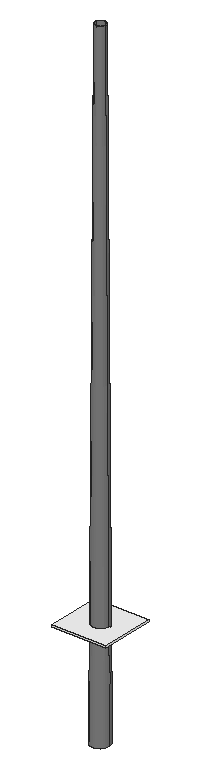
Revit family "BE_70725_de_DE", category Leuchten, Revit 2020
Family settings
  Basisbauteil = Fläche
  Bemaßung runder Anschluss = Durchmesser verwenden
  Teiletyp = Normal
  Beim Laden mit Abzugskörper schneiden = Ja
  Lichtquelle = Nein
  Gemeinsam genutzt = Nein
  Raumberechnungspunkt = Ja
Parameters (values of type "BEGA_70725_Grafit")
  Default Elevation = 0 mm
  Umgebungstemperatur = ""
  URL = "https://www.bega.com/de/produkt/70725"
  Typenkommentare = "© 2022 BEGA. Wir behalten uns das Recht vor, technische Änderungen ohne vorherige Ankündigung vorzunehmen."  # constant formula
  Typenbild = 70725.png
  Strom = ""
  Spannung = 0 V
  Sonderanfertigung = no
  Seriennummer [instance] = "Hier können Sie die eindeutige Seriennummer für das Facility Management eintragen."
  Schutzklasse = ""
  Schutzart = ""
  Scheinlast = 0 VA
  Produktdatenblatt = "https://cdn.bega.com/bega/products/70725/current/documents/data-sheets/de"
  Oberflächentemperatur = ""
  Modell = "70725"
  Material_17 = BEGA_Reflektor
  Material_15 = BEGA_Leuchtmedium_matt
  Material_11 = BEGA_Glas_opal
  Material_09 = BEGA_Glas_klar
  Material_06 = BEGA_Oberfläche_Edelstahl_gebürstet
  Material_03 = BEGA_Oberfläche_Weiss_matt
  Material_02 = BEGA_Oberfläche_Silber_matt
  Material_01 [instance] = BEGA_Oberfläche_Grafit_matt
  M_W = no
  M_G = yes
  M_A = no
  Logo = 0
  Leuchtenanzahl = ""
  Lebensdauerkriterien = ""
  Lastklassifizierung = Beleuchtung
  Hersteller = "BEGA"  # constant formula
  Halbstreuwinkel = ""
  Gewicht = "17.2 kg"
  Gebrauchslageneinschränkung [instance] = ""
  Frequenz = ""
  Farbtemperatur = ""
  Energieeffizienzklasse = ""
  ENEC = ""
  Dimmbar [instance] = ""
  CE_Konformität = "ja"
  Bestellnummer = "70725"
  Beschreibung_Sonderanfertigung = "Hier können Sie Informationen zur Sonderanfertigung eintragen."
  Beschreibung = "Lichtmast"
  Befestigungsbohrung = ""
  Befestigungsabstand = ""
  Ballwurfsicher = ""
  BEGA_Intern_aus = yes
  BEGA_Intern_an = yes
  BEGA_Intern_Konstruktion = yes
  BEGA_Intern = yes
  BEGA_IES = yes
  BEGA_Dummy = no
  Anschlussleitung = ""
  Anschlussleistung [instance] = ""
  Anschlusskasten = ""
  Aktualisierung = "2022-05-19T04:00:07"
  Abstand_zur_angestrahlten_Fläche [instance] = ""
  AC/DC = ""
Reference planes
  plane 1 "Mitte (Vorne/Hinten)": y = 0
  plane 2: z = 0
  plane 3 "Mitte (Links/Rechts)": x = 0
  plane 4 "Links": x = -69.835
  plane 5 "Rechts": x = 69.835
  plane 6 "Unten": y = -69.835
  plane 7 "Oben": y = 69.835
  plane 8 "Vorne": z = 4000
  plane 9 "Hinten": z = -800
Forms (mm)
  Extrusion 1, solid, material "BEGA_Platte_Weiss"
    sketch origin (0, -1119.2, 0) x (1, 0, 0) y (0, 1, 0)
      loop
        line (-200, 1319.2) -> (-200, 919.2) -> (200, 919.2) -> (200, 1319.2) -> (-200, 1319.2)
    from 0 to -10
  Extrusion 2, solid, material "BEGA_Dummy_matt", visible <- "BEGA_Dummy"
    sketch origin (77.149, -76.023, 0) x (1, 0, 0) y (0, 1, 0)
      loop
        circle (-77.149, 76.023) r 70
    from 0 to 4000
Dimensions and locks
  plane 1 "Mitte (Vorne/Hinten)" to Extrusion 1 = 200 mm
  aligned and locked: plane 2 to Extrusion 1
  aligned and locked: level to Extrusion 1
Nested families
  nested 1: "BE_70725" at (0, 0, 0), type "BE_70725"
Connectors
  electrical at (0, 0, 0), driven by "Lastklassifizierung", driven by "Spannung", driven by "Scheinlast"
    settings: index 1, voltage 0 V, apparent load 0 VA, apparent load phase1 0 VA, apparent load phase2 0 VA, apparent load phase3 0 VA, power factor 1, load classification "Beleuchtung", number of poles 1, system type 31, power factor state 1, is connector primary yes, connector utility no, sub classification motor no, connector description ""
Definition of nested family "BE_70725"
  Parameters (values of type "BE_70725")
    Default Elevation = 1 mm
    URL = "http://www.bega.de/de/produkt"
    Type Comments = "© 2015 BEGA. Wir behalten uns das Recht vor, technische Änderungen ohne vorherige Ankündigung vorzunehmen. "  # constant formula
    Type Image = (empty or 0)
    Neigungswinkel_um_Z2 = 0.00°
    Neigungswinkel_um_Z1 = 0.00°
    Neigungswinkel_um_Y2 = 0.00°
    Neigungswinkel_um_Y1 = 0.00°
    Neigungswinkel_um_X2 = 0.00°
    Neigungswinkel_um_X1 = 0.00°
    Material_17 = none
    Material_15 = none
    Material_11 = none
    Material_09 = none
    Material_06 = none
    Material_02 = none
    Material_01 = none
    M_W = yes
    M_G = yes
    M_A = yes
    Länge_Platte = 200 mm  # constant formula
    Höhe_Platte = -10 mm  # constant formula
    Manufacturer = "BEGA"  # constant formula
    Drehwinkel_um_Z2 = 0.00°
    Drehwinkel_um_Z1 = 0.00°
    Breite_Platte = 200 mm  # constant formula
  Reference planes
    plane 1 "Mitte (Oben/Unten)": y = 0
    plane 2: z = 0
    plane 3 "Mitte (Links/Rechts)": x = 0
    plane 4: z = -800
    plane 5: x = 69.835
    plane 6: z = 4000
    plane 7: x = -69.835
    plane 8: y = 69.835
    plane 9: y = -69.835
  Forms (mm)
    Extrusion 1, solid, detail levels medium
      sketch origin (0, 0, 0) x (1, 0, 0) y (0, 1, 0)
        loop
          line (-100, 100) -> (-100, -100) -> (100, -100) -> (100, 100) -> (-100, 100)
      from 0 to -10 <- "Höhe_Platte"
    Revolve 2, solid, material <- "Material_01"
      sketch origin (0, 0, 0) x (1, 0, 0) y (0, 0, 1)
        loop
          line (-34.665, 4000) -> (-38, 4000) -> (-69.835, -800) -> (-66.5, -800) -> (-34.665, 4000)
        axis (0, 4000) -> (0, -800)
      angle from 0 to 360
  Dimensions and locks
    equal spacing: Extrusion 1 sketch curve, plane 3 "Mitte (Links/Rechts)", Extrusion 1 sketch curve
    equal spacing: Extrusion 1 sketch curve, plane 1 "Mitte (Oben/Unten)", Extrusion 1 sketch curve
    "Länge_Platte": Extrusion 1 sketch curve to Extrusion 1 sketch curve
    "Breite_Platte": Extrusion 1 sketch curve to Extrusion 1 sketch curve
    Revolve 2 sketch curve to plane 3 "Mitte (Links/Rechts)" = 34.665 mm
    aligned and locked: plane 2 to Extrusion 1
    aligned and locked: level to Extrusion 1
  Automatic sketch dimensions
    Revolve 2 sketch curve to Revolve 2 sketch curve = 3.335 mm  (x2)
    Revolve 2 sketch curve to plane 3 "Mitte (Links/Rechts)" = 66.5 mm
    Revolve 2 sketch curve to plane 3 "Mitte (Links/Rechts)" = 0 mm
    Revolve 2 sketch curve to level = 800 mm
    Revolve 2 sketch curve to Revolve 2 sketch curve = 1050.964 mm
    Revolve 2 sketch curve to Revolve 2 sketch curve = 7.453 mm
    level to Revolve 2 sketch curve = 4000 mm
